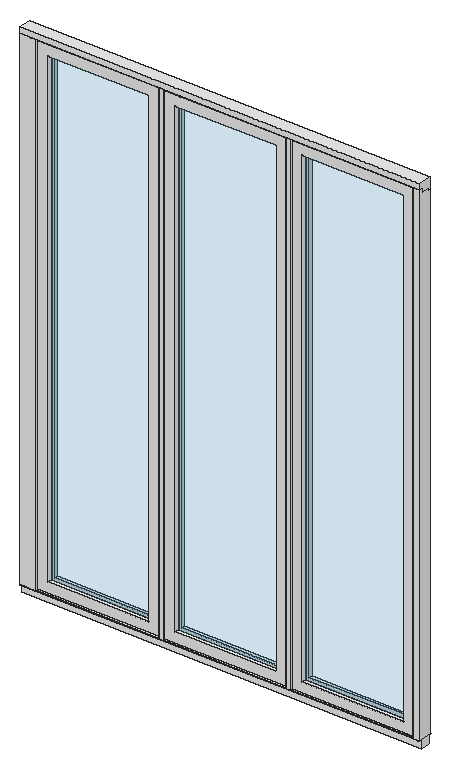
Revit family "98133", category Windows, host Wall, Revit 2018 (continued)
Definition of nested family "Sill_SL-73"
  Definition of nested family "Sill_SL73"
    Lines and regions (in)
      detail lines, in view "Ref. Level"
        curve 134: arc (0.2874, -0.90206, 0) -> (0.28045, -0.90252, 0) -> (0.27586, -0.89728, 0) r 0.00787
        curve 135: arc (0.25306, -0.81218, 0) -> (0.25645, -0.7951, 0) -> (0.27207, -0.7874, 0) r 0.01969
        curve 136: arc (-0.2874, -1.62549, 0) -> (-0.28045, -1.62504, 0) -> (-0.27586, -1.63028, 0) r 0.00787
        curve 137: arc (-0.38189, -1.68005, 0) -> (-0.38976, -1.68005, 0) -> (-0.3937, -1.67323, 0) r 0.00787
        curve 138: arc (-0.3937, -1.49213, 0) -> (-0.38976, -1.48531, 0) -> (-0.38189, -1.48531, 0) r 0.00787
        curve 139: arc (-0.27559, -1.53304, 0) -> (-0.27953, -1.53986, 0) -> (-0.2874, -1.53986, 0) r 0.00787
        curve 140: arc (-0.29528, -1.44439, 0) -> (-0.28087, -1.4588, 0) -> (-0.27559, -1.47849, 0) r 0.03937
        curve 141: arc (-0.27559, -1.04907, 0) -> (-0.28087, -1.06876, 0) -> (-0.29528, -1.08317, 0) r 0.03937
        curve 142: arc (-0.2874, -0.9877, 0) -> (-0.27953, -0.9877, 0) -> (-0.27559, -0.99452, 0) r 0.00787
        curve 143: arc (-0.38189, -1.04225, 0) -> (-0.38976, -1.04225, 0) -> (-0.3937, -1.03543, 0) r 0.00787
        curve 144: arc (-0.3937, -0.85433, 0) -> (-0.38976, -0.84751, 0) -> (-0.38189, -0.84751, 0) r 0.00787
        curve 145: arc (-0.27586, -0.89728, 0) -> (-0.28045, -0.90252, 0) -> (-0.2874, -0.90206, 0) r 0.00787
        curve 146: arc (-0.27207, -0.7874, 0) -> (-0.25645, -0.7951, 0) -> (-0.25306, -0.81218, 0) r 0.01969
        curve 147: arc (-0.18549, -1.74311, 0) -> (-0.19533, -1.74047, 0) -> (-0.20253, -1.73327, 0) r 0.01969
        curve 148: arc (0.20253, -1.73327, 0) -> (0.19533, -1.74047, 0) -> (0.18549, -1.74311, 0) r 0.01969
        curve 149: arc (0.3937, -1.65846, 0) -> (0.39139, -1.66403, 0) -> (0.38583, -1.66634, 0) r 0.00787
        curve 150: arc (0.38583, -1.49902, 0) -> (0.39139, -1.50132, 0) -> (0.3937, -1.50689, 0) r 0.00787
        curve 151: arc (0.21447, -1.56299, 0) -> (0.22888, -1.54858, 0) -> (0.24856, -1.54331, 0) r 0.03937
        curve 152: arc (-0.24856, -1.54331, 0) -> (-0.22888, -1.54858, 0) -> (-0.21447, -1.56299, 0) r 0.03937
        curve 153: arc (-0.3937, -1.50689, 0) -> (-0.39139, -1.50132, 0) -> (-0.38583, -1.49902, 0) r 0.00787
        curve 154: arc (-0.38583, -1.66634, 0) -> (-0.39139, -1.66403, 0) -> (-0.3937, -1.65846, 0) r 0.00787
        curve 155: arc (-0.12866, -1.67224, 0) -> (-0.14834, -1.66697, 0) -> (-0.16275, -1.65256, 0) r 0.03937
        curve 156: arc (0.16275, -1.65256, 0) -> (0.14834, -1.66697, 0) -> (0.12866, -1.67224, 0) r 0.03937
        curve 157: arc (-0.27811, -1.62205, 0) -> (-0.26827, -1.62468, 0) -> (-0.26106, -1.63189, 0) r 0.01969
        curve 158: arc (0.26106, -1.63189, 0) -> (0.26827, -1.62468, 0) -> (0.27811, -1.62205, 0) r 0.01969
        curve 159: arc (0.18549, -0.78445, 0) -> (0.19533, -0.78709, 0) -> (0.20253, -0.79429, 0) r 0.01969
        curve 160: arc (-0.20253, -0.79429, 0) -> (-0.19533, -0.78709, 0) -> (-0.18549, -0.78445, 0) r 0.01969
        curve 161: arc (-0.3937, -0.86909, 0) -> (-0.39139, -0.86353, 0) -> (-0.38583, -0.86122, 0) r 0.00787
        curve 162: arc (-0.38583, -1.02854, 0) -> (-0.39139, -1.02624, 0) -> (-0.3937, -1.02067, 0) r 0.00787
        curve 163: arc (-0.21447, -0.96457, 0) -> (-0.22888, -0.97898, 0) -> (-0.24856, -0.98425, 0) r 0.03937
        curve 164: arc (0.24856, -0.98425, 0) -> (0.22888, -0.97898, 0) -> (0.21447, -0.96457, 0) r 0.03937
        curve 165: arc (0.3937, -1.02067, 0) -> (0.39139, -1.02624, 0) -> (0.38583, -1.02854, 0) r 0.00787
        curve 166: arc (0.38583, -0.86122, 0) -> (0.39139, -0.86353, 0) -> (0.3937, -0.86909, 0) r 0.00787
        curve 167: arc (0.12866, -0.85531, 0) -> (0.14834, -0.86059, 0) -> (0.16275, -0.875, 0) r 0.03937
        curve 168: arc (-0.16275, -0.875, 0) -> (-0.14834, -0.86059, 0) -> (-0.12866, -0.85531, 0) r 0.03937
        curve 169: arc (0.27811, -0.90551, 0) -> (0.26827, -0.90287, 0) -> (0.26106, -0.89567, 0) r 0.01969
        curve 170: arc (-0.26106, -0.89567, 0) -> (-0.26827, -0.90287, 0) -> (-0.27811, -0.90551, 0) r 0.01969
        curve 171: arc (1.65354, 0, 0) -> (1.66746, 0.00577, 0) -> (1.67323, 0.01969, 0) r 0.01969
        curve 172: arc (0.60956, -0.2072, 0) -> (0.60566, -0.19981, 0) -> (0.59784, -0.19685, 0) r 0.01181
        curve 173: arc (0.54389, -0.19685, 0) -> (0.53607, -0.19981, 0) -> (0.53217, -0.2072, 0) r 0.01181
        curve 174: arc (0.46457, 0.00394, 0) -> (0.42913, 0.03937, 0) -> (0.3937, 0.00394, 0) r 0.03543
        curve 175: arc (0.27207, -0.7874, 0) -> (0.25645, -0.7951, 0) -> (0.25306, -0.81218, 0) r 0.01969
        curve 176: arc (0.27586, -0.89728, 0) -> (0.28045, -0.90252, 0) -> (0.2874, -0.90206, 0) r 0.00787
        curve 177: arc (0.38189, -0.84751, 0) -> (0.38976, -0.84751, 0) -> (0.3937, -0.85433, 0) r 0.00787
        curve 178: arc (0.3937, -1.03543, 0) -> (0.38976, -1.04225, 0) -> (0.38189, -1.04225, 0) r 0.00787
        curve 179: arc (0.2874, -0.9877, 0) -> (0.27953, -0.9877, 0) -> (0.27559, -0.99452, 0) r 0.00787
        curve 180: arc (0.27559, -1.04907, 0) -> (0.28087, -1.06876, 0) -> (0.29528, -1.08317, 0) r 0.03937
        curve 181: arc (0.29528, -1.44439, 0) -> (0.28087, -1.4588, 0) -> (0.27559, -1.47849, 0) r 0.03937
        curve 182: arc (0.27559, -1.53304, 0) -> (0.27953, -1.53986, 0) -> (0.2874, -1.53986, 0) r 0.00787
        curve 183: arc (0.38189, -1.48531, 0) -> (0.38976, -1.48531, 0) -> (0.3937, -1.49213, 0) r 0.00787
        curve 184: arc (0.3937, -1.67323, 0) -> (0.38976, -1.68005, 0) -> (0.38189, -1.68005, 0) r 0.00787
        curve 185: arc (0.2874, -1.62549, 0) -> (0.28045, -1.62504, 0) -> (0.27586, -1.63028, 0) r 0.00787
        curve 186: arc (0.25306, -1.71538, 0) -> (0.25645, -1.73246, 0) -> (0.27207, -1.74016, 0) r 0.01969
        curve 187: arc (0.3937, -1.74016, 0) -> (0.40293, -1.76243, 0) -> (0.4252, -1.77165, 0) r 0.0315
        curve 188: arc (0.3937, 1.75674, 0) -> (0.38909, 1.74561, 0) -> (0.37795, 1.74099, 0) r 0.01575
        curve 189: arc (0.27611, 1.7843, 0) -> (0.28834, 1.78269, 0) -> (0.29973, 1.77797, 0) r 0.04724
        curve 190: arc (-0.45721, 1.77797, 0) -> (-0.44582, 1.78269, 0) -> (-0.43359, 1.7843, 0) r 0.04724
        curve 191: arc (-0.53543, 1.74099, 0) -> (-0.54657, 1.74561, 0) -> (-0.55118, 1.75674, 0) r 0.01575
        curve 192: arc (-0.55118, 1.29444, 0) -> (-0.54657, 1.30557, 0) -> (-0.53543, 1.31019, 0) r 0.01575
        curve 193: arc (-0.43359, 1.26688, 0) -> (-0.44582, 1.26849, 0) -> (-0.45721, 1.27321, 0) r 0.04724
        curve 194: arc (0.29973, 1.27321, 0) -> (0.28834, 1.26849, 0) -> (0.27611, 1.26688, 0) r 0.04724
        curve 195: arc (0.37795, 1.31019, 0) -> (0.38909, 1.30557, 0) -> (0.3937, 1.29444, 0) r 0.01575
        curve 196: arc (0.3937, 1.16058, 0) -> (0.38909, 1.14945, 0) -> (0.37795, 1.14483, 0) r 0.01575
        curve 197: arc (0.27611, 1.18814, 0) -> (0.28834, 1.18653, 0) -> (0.29973, 1.18181, 0) r 0.04724
        curve 198: arc (-0.45721, 1.18181, 0) -> (-0.44582, 1.18653, 0) -> (-0.43359, 1.18814, 0) r 0.04724
        curve 199: arc (-0.53543, 1.14483, 0) -> (-0.54657, 1.14945, 0) -> (-0.55118, 1.16058, 0) r 0.01575
        curve 200: arc (0.3622, 1.65748, 0) -> (0.31488, 1.67708, 0) -> (0.29528, 1.72441, 0) r 0.06693
        curve 201: arc (0.29528, 1.76691, 0) -> (0.30315, 1.77478, 0) -> (0.31102, 1.76691, 0) r 0.00787
        curve 202: arc (0.77643, 2.70454, 0) -> (0.91553, 2.64165, 0) -> (0.97244, 2.5, 0) r 0.20472
        curve 203: arc (0.76772, 2.77559, 0) -> (0.96259, 2.69487, 0) -> (1.04331, 2.5, 0) r 0.27559
        curve 204: arc (0.85989, 1.06299, 0) -> (0.9516, 1.0689, 0) -> (1.04331, 1.06299, 0) r 0.71502
        curve 205: arc (0.84672, 1.11214, 0) -> (0.84808, 1.11897, 0) -> (0.85433, 1.12205, 0) r 0.00787
        curve 206: arc (0.54331, 1.12205, 0) -> (0.54955, 1.11897, 0) -> (0.55091, 1.11214, 0) r 0.00787
        curve 207: arc (0.37412, 1.06401, 0) -> (0.38261, 1.06691, 0) -> (0.39069, 1.06299, 0) r 0.01181
        curve 208: arc (0.27628, 1.05545, 0) -> (0.2729, 1.0559, 0) -> (0.27002, 1.05773, 0) r 0.00787
        curve 209: arc (0.25394, 1.06892, 0) -> (0.25846, 1.06802, 0) -> (0.26229, 1.06546, 0) r 0.01181
        curve 210: arc (0.24803, 1.06892, 0) -> (0.22576, 1.07815, 0) -> (0.21654, 1.10042, 0) r 0.0315
        curve 211: arc (0.28464, 1.11704, 0) -> (0.28042, 1.11073, 0) -> (0.27323, 1.10829, 0) r 0.01181
        curve 212: arc (0.2994, 1.17214, 0) -> (0.30201, 1.17619, 0) -> (0.30649, 1.17796, 0) r 0.00787
        curve 213: arc (0.30649, 1.17796, 0) -> (0.31087, 1.17696, 0) -> (0.31399, 1.17373, 0) r 0.00787
        curve 214: arc (0.31399, 1.17373, 0) -> (0.31488, 1.16993, 0) -> (0.31382, 1.16616, 0) r 0.00787
        curve 215: arc (0.3357, 1.15353, 0) -> (0.34284, 1.14789, 0) -> (0.34807, 1.14044, 0) r 0.0315
        curve 216: arc (0.3937, 1.12598, 0) -> (0.36784, 1.12361, 0) -> (0.34807, 1.14044, 0) r 0.03346
        curve 217: arc (0.31102, 1.28427, 0) -> (0.30315, 1.2764, 0) -> (0.29528, 1.28427, 0) r 0.00787
        curve 218: arc (0.29528, 1.32677, 0) -> (0.31488, 1.3741, 0) -> (0.3622, 1.3937, 0) r 0.06693
        curve 219: arc (-0.50555, 1.14044, 0) -> (-0.52532, 1.12361, 0) -> (-0.55118, 1.12598, 0) r 0.03346
        curve 220: arc (-0.50555, 1.14044, 0) -> (-0.50032, 1.14789, 0) -> (-0.49318, 1.15353, 0) r 0.0315
        curve 221: arc (-0.46423, 1.17797, 0) -> (-0.45959, 1.17627, 0) -> (-0.45688, 1.17214, 0) r 0.00787
        curve 222: arc (-0.47158, 1.17352, 0) -> (-0.46857, 1.17683, 0) -> (-0.46423, 1.17797, 0) r 0.00787
        curve 223: arc (-0.4713, 1.16616, 0) -> (-0.47235, 1.16981, 0) -> (-0.47158, 1.17352, 0) r 0.00787
        curve 224: arc (-0.43071, 1.10829, 0) -> (-0.4379, 1.11073, 0) -> (-0.44212, 1.11704, 0) r 0.01181
        curve 225: arc (-0.37402, 1.10042, 0) -> (-0.38324, 1.07815, 0) -> (-0.40551, 1.06892, 0) r 0.0315
        curve 226: arc (-0.41977, 1.06546, 0) -> (-0.41594, 1.06802, 0) -> (-0.41142, 1.06892, 0) r 0.01181
        curve 227: arc (-0.4275, 1.05773, 0) -> (-0.43038, 1.0559, 0) -> (-0.43376, 1.05545, 0) r 0.00787
        curve 228: arc (-0.54817, 1.06299, 0) -> (-0.54009, 1.06691, 0) -> (-0.5316, 1.06401, 0) r 0.01181
        curve 229: arc (-0.59055, 1.06299, 0) -> (-0.61839, 1.07452, 0) -> (-0.62992, 1.10236, 0) r 0.03937
        curve 230: arc (-0.88583, 0.98819, 0) -> (-0.89159, 0.97427, 0) -> (-0.90551, 0.9685, 0) r 0.01969
        curve 231: arc (-0.90551, 0.77165, 0) -> (-0.89159, 0.76589, 0) -> (-0.88583, 0.75197, 0) r 0.01969
        curve 232: arc (-0.88583, 0.70472, 0) -> (-0.89736, 0.67689, 0) -> (-0.9252, 0.66535, 0) r 0.03937
        curve 233: arc (-1.08268, 0.5194, 0) -> (-1.09302, 0.4928, 0) -> (-1.11862, 0.48018, 0) r 0.03937
        curve 234: arc (-1.2202, 0.52158, 0) -> (-1.21885, 0.52842, 0) -> (-1.2126, 0.5315, 0) r 0.00787
        curve 235: arc (-1.52362, 0.5315, 0) -> (-1.51738, 0.52842, 0) -> (-1.51602, 0.52158, 0) r 0.00787
        curve 236: arc (-1.7126, 0.47244, 0) -> (-1.62089, 0.47835, 0) -> (-1.52918, 0.47244, 0) r 0.71502
        curve 237: arc (-0.4685, 1.76691, 0) -> (-0.46745, 1.77084, 0) -> (-0.46457, 1.77373, 0) r 0.00787
        curve 238: arc (-0.46457, 1.77373, 0) -> (-0.45669, 1.77373, 0) -> (-0.45276, 1.76691, 0) r 0.00787
        curve 239: arc (-0.45276, 1.72441, 0) -> (-0.47236, 1.67708, 0) -> (-0.51969, 1.65748, 0) r 0.06693
        curve 240: arc (-0.51969, 1.3937, 0) -> (-0.47236, 1.3741, 0) -> (-0.45276, 1.32677, 0) r 0.06693
        curve 241: arc (-0.46457, 1.27746, 0) -> (-0.46745, 1.28034, 0) -> (-0.4685, 1.28427, 0) r 0.00787
        curve 242: arc (-0.45276, 1.28427, 0) -> (-0.45669, 1.27746, 0) -> (-0.46457, 1.27746, 0) r 0.00787
        curve 243: arc (-1.56299, 1.29528, 0) -> (-1.57452, 1.26744, 0) -> (-1.60236, 1.25591, 0) r 0.03937
        curve 244: arc (-1.14961, 1.00787, 0) -> (-1.13, 1.0552, 0) -> (-1.08268, 1.0748, 0) r 0.06693
        curve 245: arc (-0.95276, 1.25591, 0) -> (-0.93315, 1.30323, 0) -> (-0.88583, 1.32283, 0) r 0.06693
        curve 246: arc (0.85989, 1.06299, 0) -> (0.9516, 1.0689, 0) -> (1.04331, 1.06299, 0) r 0.71502
        curve 247: arc (0.61811, 2.31102, 0) -> (0.5847, 2.32486, 0) -> (0.57087, 2.35827, 0) r 0.04724
        curve 248: arc (0.33852, 2.16913, 0) -> (0.33412, 2.17974, 0) -> (0.33852, 2.19034, 0) r 0.015
        curve 249: arc (0.39223, 2.24406, 0) -> (0.39662, 2.25466, 0) -> (0.39223, 2.26527, 0) r 0.015
        curve 250: arc (0.33852, 2.31898, 0) -> (0.33412, 2.32959, 0) -> (0.33852, 2.3402, 0) r 0.015
        curve 251: arc (0.39223, 2.39391, 0) -> (0.39662, 2.40452, 0) -> (0.39223, 2.41512, 0) r 0.015
        curve 252: arc (0.33852, 2.46884, 0) -> (0.33412, 2.47944, 0) -> (0.33852, 2.49005, 0) r 0.015
        curve 253: arc (0.39223, 2.54376, 0) -> (0.39662, 2.55437, 0) -> (0.39223, 2.56497, 0) r 0.015
        curve 254: arc (0.33852, 2.61869, 0) -> (0.33412, 2.62929, 0) -> (0.33852, 2.6399, 0) r 0.015
        curve 255: arc (0.39223, 2.69361, 0) -> (0.39662, 2.70422, 0) -> (0.39223, 2.71483, 0) r 0.015
        curve 256: arc (0.33852, 2.76854, 0) -> (0.33412, 2.77915, 0) -> (0.33852, 2.78975, 0) r 0.015
        curve 257: arc (0.39223, 2.84347, 0) -> (0.39662, 2.85407, 0) -> (0.39223, 2.86468, 0) r 0.015
        curve 258: arc (0.32352, 2.93339, 0) -> (0.32122, 2.95165, 0) -> (0.33833, 2.9584, 0) r 0.015
        curve 259: arc (0.64913, 2.86928, 0) -> (0.66482, 2.85849, 0) -> (0.67086, 2.84044, 0) r 0.03
        curve 260: arc (0.62023, 2.69216, 0) -> (0.62561, 2.70103, 0) -> (0.63597, 2.70036, 0) r 0.01
        curve 261: arc (0.5781, 2.59376, 0) -> (0.56206, 2.58304, 0) -> (0.55586, 2.56478, 0) r 0.03
        curve 262: arc (0.55586, 2.51002, 0) -> (0.56206, 2.49176, 0) -> (0.5781, 2.48104, 0) r 0.03
        curve 263: arc (0.63597, 2.37445, 0) -> (0.62561, 2.37377, 0) -> (0.62023, 2.38264, 0) r 0.01
        curve 264: arc (-0.9618, 2.55309, 0) -> (-0.96235, 2.58878, 0) -> (-0.93382, 2.61024, 0) r 0.03937
        curve 265: arc (-0.96158, 2.68308, 0) -> (-0.91317, 2.76901, 0) -> (-0.82314, 2.80929, 0) r 0.15748
        curve 266: arc (-0.94339, 2.66452, 0) -> (-0.95737, 2.66901, 0) -> (-0.96158, 2.68308, 0) r 0.01575
        curve 267: arc (-0.83291, 2.87943, 0) -> (-0.79166, 2.84943, 0) -> (-0.82314, 2.80929, 0) r 0.03543
        curve 268: arc (-0.82367, 2.68564, 0) -> (-0.79174, 2.66328, 0) -> (-0.8141, 2.63136, 0) r 0.02756
        curve 269: arc (-0.79497, 2.2372, 0) -> (-0.80811, 2.19464, 0) -> (-0.85067, 2.20778, 0) r 0.0315
        curve 270: arc (-1.61417, 2.07874, 0) -> (-1.62809, 2.08451, 0) -> (-1.63386, 2.09843, 0) r 0.01969
        curve 271: arc (-1.49633, 2.07874, 0) -> (-1.4323, 2.05222, 0) -> (-1.40578, 1.98819, 0) r 0.09055
        curve 272: arc (-1.38963, 1.93748, 0) -> (-1.40121, 1.94423, 0) -> (-1.40578, 1.95684, 0) r 0.01969
        curve 273: arc (-1.12849, 1.88842, 0) -> (-1.10101, 1.90741, 0) -> (-1.08201, 1.87993, 0) r 0.02362
        curve 274: arc (-1.08909, 1.84118, 0) -> (-1.10546, 1.81585, 0) -> (-1.13494, 1.80953, 0) r 0.03937
        curve 275: arc (-1.14401, 1.80369, 0) -> (-1.14063, 1.80841, 0) -> (-1.13494, 1.80953, 0) r 0.00787
        curve 276: arc (-1.14401, 1.80369, 0) -> (-1.17118, 1.78613, 0) -> (-1.19039, 1.81216, 0) r 0.02362
        curve 277: arc (-1.1968, 1.82083, 0) -> (-1.19188, 1.81776, 0) -> (-1.19039, 1.81216, 0) r 0.00787
        curve 278: arc (-1.49989, 1.9016, 0) -> (-1.51146, 1.90834, 0) -> (-1.51602, 1.92093, 0) r 0.01965
        curve 279: arc (-1.51602, 1.93701, 0) -> (-1.51025, 1.95093, 0) -> (-1.49633, 1.95669, 0) r 0.01969
        curve 280: arc (-1.47665, 1.97638, 0) -> (-1.48241, 1.96246, 0) -> (-1.49633, 1.95669, 0) r 0.01969
        curve 281: arc (-1.49633, 2.00787, 0) -> (-1.48241, 2.00211, 0) -> (-1.47665, 1.98819, 0) r 0.01969
        curve 282: arc (-1.65748, 2.00787, 0) -> (-1.66325, 1.99395, 0) -> (-1.67717, 1.98819, 0) r 0.01969
        curve 283: arc (-1.10876, 2.77529, 0) -> (-1.08092, 2.76376, 0) -> (-1.06939, 2.73592, 0) r 0.03937
        curve 284: arc (-1.06939, 2.69655, 0) -> (-1.07515, 2.68263, 0) -> (-1.08907, 2.67687, 0) r 0.01968
        curve 285: arc (-1.08907, 2.51938, 0) -> (-1.07515, 2.51362, 0) -> (-1.06939, 2.4997, 0) r 0.01969
        curve 286: arc (-1.06939, 2.47214, 0) -> (-1.08092, 2.4443, 0) -> (-1.10876, 2.43277, 0) r 0.03937
        curve 287: arc (-1.1875, 2.43277, 0) -> (-1.21533, 2.4443, 0) -> (-1.22687, 2.47214, 0) r 0.03937
        curve 288: arc (-1.14401, 1.80369, 0) -> (-1.17118, 1.78613, 0) -> (-1.19039, 1.81216, 0) r 0.02362
        curve 289: arc (-1.19039, 1.81216, 0) -> (-1.19188, 1.81776, 0) -> (-1.1968, 1.82083, 0) r 0.00787
        curve 290: arc (-1.49989, 1.9016, 0) -> (-1.51146, 1.90834, 0) -> (-1.51602, 1.92094, 0) r 0.01965
        curve 291: arc (-1.51602, 1.93701, 0) -> (-1.51025, 1.95093, 0) -> (-1.49633, 1.95669, 0) r 0.01969
        curve 292: arc (-1.49633, 1.95669, 0) -> (-1.48241, 1.96246, 0) -> (-1.47665, 1.97638, 0) r 0.01969
        curve 293: arc (-1.47665, 1.98819, 0) -> (-1.48241, 2.00211, 0) -> (-1.49633, 2.00787, 0) r 0.01969
        curve 294: arc (-1.65748, 2.00787, 0) -> (-1.66325, 1.99395, 0) -> (-1.67717, 1.98819, 0) r 0.01969
        curve 295: arc (-1.10876, 2.77529, 0) -> (-1.08092, 2.76376, 0) -> (-1.06939, 2.73592, 0) r 0.03937
        curve 296: arc (-1.06939, 2.69655, 0) -> (-1.07515, 2.68263, 0) -> (-1.08907, 2.67687, 0) r 0.01968
        curve 297: arc (-1.08907, 2.51938, 0) -> (-1.07515, 2.51362, 0) -> (-1.06939, 2.4997, 0) r 0.01969
        curve 298: arc (-1.06939, 2.47214, 0) -> (-1.08092, 2.4443, 0) -> (-1.10876, 2.43277, 0) r 0.03937
        curve 299: arc (-1.1875, 2.43277, 0) -> (-1.21533, 2.4443, 0) -> (-1.22687, 2.47214, 0) r 0.03937
        curve 300: arc (-1.63386, 2.09843, 0) -> (-1.62809, 2.08451, 0) -> (-1.61417, 2.07874, 0) r 0.01969
        curve 301: arc (-1.49633, 2.07874, 0) -> (-1.4323, 2.05222, 0) -> (-1.40578, 1.98819, 0) r 0.09055
        curve 302: arc (-1.40578, 1.95684, 0) -> (-1.40121, 1.94423, 0) -> (-1.38963, 1.93748, 0) r 0.01969
        curve 303: arc (-1.12849, 1.88842, 0) -> (-1.10101, 1.90741, 0) -> (-1.08201, 1.87993, 0) r 0.02362
        curve 304: line (0.61024, 0.18862, 0) -> (0.61024, 0.50394, 0)
        curve 305: line (0.61793, 0.18486, 0) -> (0.62992, 0.19685, 0)
        curve 306: line (0.62992, 0.19685, 0) -> (0.62992, 0.56693, 0)
        curve 307: line (0.61024, 0.65354, 0) -> (0.61024, 0.71085, 0)
        curve 308: line (0.62992, 0.65354, 0) -> (0.62992, 0.7343, 0)
        curve 309: line (0.61024, 0.59843, 0) -> (0.61024, 0.61811, 0)
        curve 310: line (0.61024, 0.53543, 0) -> (0.61024, 0.56693, 0)
        curve 311: line (0.61024, 0.56693, 0) -> (0.59514, 0.07838, 0)
        curve 312: line (0.62992, 0.59843, 0) -> (0.62992, 0.61811, 0)
        curve 313: line (-0.41339, 0.09843, 0) -> (-0.46459, 0.09843, 0)
        curve 314: line (-0.61794, 0.18487, 0) -> (-0.62992, 0.19685, 0)
        curve 315: line (-0.62994, 0.09843, 0) -> (-0.62994, -0.27559, 0)
        curve 316: line (-0.62994, -0.27559, 0) -> (-0.66932, -0.27559, 0)
        curve 317: line (-0.66932, -0.27559, 0) -> (-0.66932, 0.09843, 0)
        curve 318: line (-0.47246, 0.09843, 0) -> (-0.47246, -0.27559, 0)
        curve 319: line (-0.47246, -0.27559, 0) -> (-0.51183, -0.27559, 0)
        curve 320: line (-0.51183, -0.27559, 0) -> (-0.51183, 0.09843, 0)
        curve 321: line (0.51179, 0.09843, 0) -> (0.51179, -0.27559, 0)
        curve 322: line (0.51179, -0.27559, 0) -> (0.47242, -0.27559, 0)
        curve 323: line (0.47242, -0.27559, 0) -> (0.47242, 0.09843, 0)
        curve 324: line (0.66927, 0.09843, 0) -> (0.66927, -0.27559, 0)
        curve 325: line (0.66927, -0.27559, 0) -> (0.6299, -0.27559, 0)
        curve 326: line (0.6299, -0.27559, 0) -> (0.6299, 0.09843, 0)
        curve 327: line (0.6815, 0.56693, 0) -> (0.66444, 0.07837, 0)
        curve 328: line (0.64685, 0.56693, 0) -> (0.62979, 0.07841, 0)
        curve 329: line (0.69882, 0.56693, 0) -> (0.69882, 0.07874, 0)
        curve 330: line (0.78543, 0.56693, 0) -> (0.80249, 0.07837, 0)
        curve 331: line (0.75079, 0.56693, 0) -> (0.76785, 0.07837, 0)
        curve 332: line (0.71614, 0.56693, 0) -> (0.7332, 0.07837, 0)
        curve 333: line (0.84646, 0.61811, 0) -> (0.84646, 0.56693, 0)
        curve 334: line (0.84646, 0.56693, 0) -> (0.55118, 0.56693, 0)
        curve 335: line (0.55118, 0.56693, 0) -> (0.55118, 0.61811, 0)
        curve 336: line (0.55118, 0.61811, 0) -> (0.84646, 0.61811, 0)
        curve 337: line (-1.38543, 0.56693, 0) -> (-1.40249, 0.07837, 0)
        curve 338: line (-1.42008, 0.56693, 0) -> (-1.43713, 0.07874, 0)
        curve 339: line (-1.45472, 0.56693, 0) -> (-1.47177, 0.07874, 0)
        curve 340: line (-1.36811, 0.56693, 0) -> (-1.36811, 0.07874, 0)
        curve 341: line (-1.2815, 0.56693, 0) -> (-1.26444, 0.07837, 0)
        curve 342: line (-1.31614, 0.56693, 0) -> (-1.29909, 0.07874, 0)
        curve 343: line (-1.35079, 0.56693, 0) -> (-1.33374, 0.07874, 0)
        curve 344: line (-1.48819, 0.56693, 0) -> (-1.51575, 0.56693, 0)
        curve 345: line (-1.51575, 0.56693, 0) -> (-1.51575, 0.61811, 0)
        curve 346: line (-1.51575, 0.61811, 0) -> (-1.22047, 0.61811, 0)
        curve 347: line (-1.22047, 0.61811, 0) -> (-1.22047, 0.56693, 0)
        curve 348: line (-1.22047, 0.56693, 0) -> (-1.51575, 0.56693, 0)
        curve 349: line (-1.51575, 0.56693, 0) -> (-1.51575, 0.61811, 0)
        curve 350: line (-1.51575, 0.61811, 0) -> (-1.22047, 0.61811, 0)
        curve 351: line (-1.22047, 0.61811, 0) -> (-1.22047, 0.56693, 0)
        curve 352: line (-1.22047, 0.56693, 0) -> (-1.24803, 0.56693, 0)
        curve 353: line (-1.19094, 0.65354, 0) -> (-1.54528, 0.65354, 0)
        curve 354: line (-1.17126, 0.63386, 0) -> (-1.17126, 0.55118, 0)
        curve 355: line (-1.19094, 0.5315, 0) -> (-1.23031, 0.5315, 0)
        curve 356: line (-1.23031, 0.5315, 0) -> (-1.21238, 0.46457, 0)
        curve 357: line (-1.21238, 0.46457, 0) -> (-1.24016, 0.46457, 0)
        curve 358: line (-1.27953, 0.53543, 0) -> (-1.27953, 0.50394, 0)
        curve 359: line (-1.56496, 0.55118, 0) -> (-1.56496, 0.63386, 0)
        curve 360: line (-1.49606, 0.46457, 0) -> (-1.52384, 0.46457, 0)
        curve 361: line (-1.52384, 0.46457, 0) -> (-1.50591, 0.5315, 0)
        curve 362: line (-1.50591, 0.5315, 0) -> (-1.54528, 0.5315, 0)
        curve 363: line (-1.45669, 0.50394, 0) -> (-1.45669, 0.53543, 0)
        curve 364: line (0.67717, -0.34252, 0) -> (0.46457, -0.34252, 0)
        curve 365: line (0.46457, -0.34252, 0) -> (0.46457, -1.14961, 0)
        curve 366: line (0.46457, -1.14961, 0) -> (0.62205, -1.14961, 0)
        curve 367: line (0.62205, -1.14961, 0) -> (0.62205, -1.16929, 0)
        curve 368: line (0.58268, -1.20866, 0) -> (0.46457, -1.20866, 0)
        curve 369: line (0.46457, -1.20866, 0) -> (0.46457, -1.50787, 0)
        curve 370: line (0.46457, -1.50787, 0) -> (0.66425, -1.50787, 0)
        curve 371: line (0.72882, -1.33858, 0) -> (0.76024, -1.33858, 0)
        curve 372: line (0.76024, -1.33858, 0) -> (0.76706, -1.35041, 0)
        curve 373: line (0.84711, -1.35041, 0) -> (0.85394, -1.33858, 0)
        curve 374: line (0.85394, -1.33858, 0) -> (0.88536, -1.33858, 0)
        curve 375: line (0.94992, -1.50787, 0) -> (1.09449, -1.50787, 0)
        curve 376: line (1.09449, -1.50787, 0) -> (1.09449, -1.13976, 0)
        curve 377: line (1.09449, -1.13976, 0) -> (0.93307, -1.13976, 0)
        curve 378: line (0.86614, -1.07283, 0) -> (0.86614, -0.50197, 0)
        curve 379: line (0.93307, -0.43504, 0) -> (1.09449, -0.43504, 0)
        curve 380: line (1.09449, -0.43504, 0) -> (1.09449, 0, 0)
        curve 381: line (1.09449, 0, 0) -> (0.9552, 0, 0)
        curve 382: line (0.88536, -0.15748, 0) -> (0.85394, -0.15748, 0)
        curve 383: line (0.85394, -0.15748, 0) -> (0.84711, -0.14565, 0)
        curve 384: line (0.76706, -0.14565, 0) -> (0.76024, -0.15748, 0)
        curve 385: line (0.76024, -0.15748, 0) -> (0.74409, -0.15748, 0)
        curve 386: line (0.74409, -0.15748, 0) -> (0.74409, -0.27559, 0)
        curve 387: line (-0.58268, -1.20866, 0) -> (-0.46457, -1.20866, 0)
        curve 388: line (-0.46457, -1.20866, 0) -> (-0.46457, -1.50787, 0)
        curve 389: line (-0.46457, -1.50787, 0) -> (-0.66425, -1.50787, 0)
        curve 390: line (-0.72882, -1.33858, 0) -> (-0.76024, -1.33858, 0)
        curve 391: line (-0.76024, -1.33858, 0) -> (-0.76706, -1.35041, 0)
        curve 392: line (-0.84711, -1.35041, 0) -> (-0.85394, -1.33858, 0)
        curve 393: line (-0.85394, -1.33858, 0) -> (-0.88536, -1.33858, 0)
        curve 394: line (-0.94992, -1.50787, 0) -> (-1.09449, -1.50787, 0)
        curve 395: line (-1.09449, -1.50787, 0) -> (-1.09449, -1.13976, 0)
        curve 396: line (-1.09449, -1.13976, 0) -> (-0.93307, -1.13976, 0)
        curve 397: line (-0.86614, -1.07283, 0) -> (-0.86614, -0.50197, 0)
        curve 398: line (-0.93307, -0.43504, 0) -> (-1.09449, -0.43504, 0)
        curve 399: line (-1.09449, -0.43504, 0) -> (-1.09449, 0, 0)
        curve 400: line (-1.09449, 0, 0) -> (-0.9552, 0, 0)
        curve 401: line (-0.88536, -0.15748, 0) -> (-0.85394, -0.15748, 0)
        curve 402: line (-0.85394, -0.15748, 0) -> (-0.84711, -0.14565, 0)
        curve 403: line (-0.76706, -0.14565, 0) -> (-0.76024, -0.15748, 0)
        curve 404: line (-0.76024, -0.15748, 0) -> (-0.74409, -0.15748, 0)
        curve 405: line (-0.74409, -0.15748, 0) -> (-0.74409, -0.27559, 0)
        curve 406: line (-0.67717, -0.34252, 0) -> (-0.46457, -0.34252, 0)
        curve 407: line (-0.46457, -0.34252, 0) -> (-0.46457, -1.14961, 0)
        curve 408: line (-0.46457, -1.14961, 0) -> (-0.62205, -1.14961, 0)
        curve 409: line (-0.62205, -1.14961, 0) -> (-0.62205, -1.16929, 0)
        curve 410: line (-0.27559, -1.04907, 0) -> (-0.27559, -0.99452, 0)
        curve 411: line (-0.27559, -0.99452, 0) -> (-0.27559, -1.04907, 0)
        curve 412: line (-0.29528, -1.44439, 0) -> (-0.3937, -1.38757, 0)
        curve 413: line (-0.3937, -1.38757, 0) -> (-0.3937, -1.13999, 0)
        curve 414: line (-0.3937, -1.13999, 0) -> (-0.29528, -1.08317, 0)
        curve 415: line (-0.29528, -1.08317, 0) -> (-0.3937, -1.13999, 0)
        curve 416: line (-0.3937, -1.13999, 0) -> (-0.3937, -1.38757, 0)
        curve 417: line (-0.3937, -1.38757, 0) -> (-0.29528, -1.44439, 0)
        curve 418: line (-0.27559, -1.53304, 0) -> (-0.27559, -1.47849, 0)
        curve 419: line (-0.27559, -1.47849, 0) -> (-0.27559, -1.53304, 0)
        curve 420: line (-0.38189, -1.48531, 0) -> (-0.2874, -1.53986, 0)
        curve 421: line (-0.2874, -1.53986, 0) -> (-0.38189, -1.48531, 0)
        curve 422: line (-0.3937, -1.67323, 0) -> (-0.3937, -1.49213, 0)
        curve 423: line (-0.3937, -1.49213, 0) -> (-0.3937, -1.67323, 0)
        curve 424: line (-0.27586, -1.63028, 0) -> (-0.25306, -1.71538, 0)
        curve 425: line (-0.27207, -1.74016, 0) -> (-0.3937, -1.74016, 0)
        curve 426: line (-0.4252, -1.77165, 0) -> (-0.59441, -1.77165, 0)
        curve 427: line (-0.59441, -1.77165, 0) -> (-0.61024, -1.7126, 0)
        curve 428: line (-0.61024, -1.7126, 0) -> (-0.46457, -1.7126, 0)
        curve 429: line (-0.46457, -1.7126, 0) -> (-0.46457, -1.5748, 0)
        curve 430: line (-0.46457, -1.5748, 0) -> (-0.78663, -1.5748, 0)
        curve 431: line (-0.78663, -1.5748, 0) -> (-0.80709, -1.56299, 0)
        curve 432: line (-0.80709, -1.56299, 0) -> (-0.82754, -1.5748, 0)
        curve 433: line (-0.82754, -1.5748, 0) -> (-1.09449, -1.5748, 0)
        curve 434: line (-1.09449, -1.5748, 0) -> (-1.09449, -1.7126, 0)
        curve 435: line (-1.09449, -1.7126, 0) -> (-1.00394, -1.7126, 0)
        curve 436: line (-1.00394, -1.7126, 0) -> (-1.01976, -1.77165, 0)
        curve 437: line (-1.01976, -1.77165, 0) -> (-1.16142, -1.77165, 0)
        curve 438: line (-1.16142, -1.77165, 0) -> (-1.16142, -1.00008, 0)
        curve 439: line (-1.16142, -1.00008, 0) -> (-1.10236, -0.98425, 0)
        curve 440: line (-1.10236, -0.98425, 0) -> (-1.10236, -1.07283, 0)
        curve 441: line (-1.10236, -1.07283, 0) -> (-0.93307, -1.07283, 0)
        curve 442: line (-0.93307, -1.07283, 0) -> (-0.93307, -0.80786, 0)
        curve 443: line (-0.93307, -0.80786, 0) -> (-0.92126, -0.7874, 0)
        curve 444: line (-0.92126, -0.7874, 0) -> (-0.93307, -0.76694, 0)
        curve 445: line (-0.93307, -0.76694, 0) -> (-0.93307, -0.50197, 0)
        curve 446: line (-0.93307, -0.50197, 0) -> (-1.10236, -0.50197, 0)
        curve 447: line (-1.10236, -0.50197, 0) -> (-1.10236, -0.59055, 0)
        curve 448: line (-1.10236, -0.59055, 0) -> (-1.16142, -0.57473, 0)
        curve 449: line (-1.16142, -0.57473, 0) -> (-1.16142, 0, 0)
        curve 450: line (-1.16142, 0, 0) -> (-1.65354, 0, 0)
        curve 451: line (-1.67323, 0.01969, 0) -> (-1.67323, 0.03937, 0)
        curve 452: line (-1.67323, 0.03937, 0) -> (-1.63386, 0.07874, 0)
        curve 453: line (-1.63386, 0.07874, 0) -> (-1.59055, 0.07874, 0)
        curve 454: line (-1.59055, 0.07874, 0) -> (-1.58268, 0.07087, 0)
        curve 455: line (-1.58268, 0.07087, 0) -> (-1.50394, 0.07087, 0)
        curve 456: line (-1.50394, 0.07087, 0) -> (-1.49606, 0.07874, 0)
        curve 457: line (-1.49606, 0.07874, 0) -> (-1.43307, 0.07874, 0)
        curve 458: line (-1.43307, 0.07874, 0) -> (-1.4252, 0.07087, 0)
        curve 459: line (-1.4252, 0.07087, 0) -> (-1.34646, 0.07087, 0)
        curve 460: line (-1.34646, 0.07087, 0) -> (-1.33858, 0.07874, 0)
        curve 461: line (-1.33858, 0.07874, 0) -> (-1.27559, 0.07874, 0)
        curve 462: line (-1.27559, 0.07874, 0) -> (-1.26772, 0.07087, 0)
        curve 463: line (-1.26772, 0.07087, 0) -> (-1.18898, 0.07087, 0)
        curve 464: line (-1.18898, 0.07087, 0) -> (-1.1811, 0.07874, 0)
        curve 465: line (-1.1811, 0.07874, 0) -> (-1.11811, 0.07874, 0)
        curve 466: line (-1.11811, 0.07874, 0) -> (-1.11024, 0.07087, 0)
        curve 467: line (-1.11024, 0.07087, 0) -> (-1.0315, 0.07087, 0)
        curve 468: line (-1.0315, 0.07087, 0) -> (-1.02362, 0.07874, 0)
        curve 469: line (-1.02362, 0.07874, 0) -> (-0.96063, 0.07874, 0)
        curve 470: line (-0.96063, 0.07874, 0) -> (-0.95276, 0.07087, 0)
        curve 471: line (-0.95276, 0.07087, 0) -> (-0.87402, 0.07087, 0)
        curve 472: line (-0.87402, 0.07087, 0) -> (-0.86614, 0.07874, 0)
        curve 473: line (-0.86614, 0.07874, 0) -> (-0.80315, 0.07874, 0)
        curve 474: line (-0.80315, 0.07874, 0) -> (-0.79528, 0.07087, 0)
        curve 475: line (-0.79528, 0.07087, 0) -> (-0.71654, 0.07087, 0)
        curve 476: line (-0.71654, 0.07087, 0) -> (-0.70866, 0.07874, 0)
        curve 477: line (-0.70866, 0.07874, 0) -> (-0.67717, 0.07874, 0)
        curve 478: line (-0.67717, 0.07874, 0) -> (-0.67717, -0.27559, 0)
        curve 479: line (-0.67717, -0.27559, 0) -> (-0.61811, -0.27559, 0)
        curve 480: line (-0.61811, -0.27559, 0) -> (-0.60956, -0.2072, 0)
        curve 481: line (-0.59784, -0.19685, 0) -> (-0.54389, -0.19685, 0)
        curve 482: line (-0.53217, -0.2072, 0) -> (-0.52362, -0.27559, 0)
        curve 483: line (-0.52362, -0.27559, 0) -> (-0.46457, -0.27559, 0)
        curve 484: line (-0.46457, -0.27559, 0) -> (-0.46457, 0.00394, 0)
        curve 485: line (-0.3937, 0.00394, 0) -> (-0.3937, -0.7874, 0)
        curve 486: line (-0.3937, -0.7874, 0) -> (-0.27207, -0.7874, 0)
        curve 487: line (-0.27207, -0.7874, 0) -> (-0.3937, -0.7874, 0)
        curve 488: line (-0.27586, -0.89728, 0) -> (-0.25306, -0.81218, 0)
        curve 489: line (-0.25306, -0.81218, 0) -> (-0.27586, -0.89728, 0)
        curve 490: line (-0.38189, -0.84751, 0) -> (-0.2874, -0.90206, 0)
        curve 491: line (-0.2874, -0.90206, 0) -> (-0.38189, -0.84751, 0)
        curve 492: line (-0.3937, -1.03543, 0) -> (-0.3937, -0.85433, 0)
        curve 493: line (-0.3937, -0.85433, 0) -> (-0.3937, -1.03543, 0)
        curve 494: line (0.29528, -1.44439, 0) -> (0.3937, -1.38757, 0)
        curve 495: line (0.3937, -1.38757, 0) -> (0.3937, -1.13999, 0)
        curve 496: line (0.3937, -1.13999, 0) -> (0.29528, -1.08317, 0)
        curve 497: line (0.29528, -1.08317, 0) -> (0.3937, -1.13999, 0)
        curve 498: line (0.3937, -1.13999, 0) -> (0.3937, -1.38757, 0)
        curve 499: line (0.3937, -1.38757, 0) -> (0.29528, -1.44439, 0)
        curve 500: line (0.3937, -1.03543, 0) -> (0.3937, -0.85433, 0)
        curve 501: line (0.3937, -0.85433, 0) -> (0.3937, -1.03543, 0)
        curve 502: line (0.3937, -1.67323, 0) -> (0.3937, -1.49213, 0)
        curve 503: line (0.3937, -1.49213, 0) -> (0.3937, -1.67323, 0)
        curve 504: line (0.27559, -1.04907, 0) -> (0.27559, -0.99452, 0)
        curve 505: line (0.27559, -0.99452, 0) -> (0.27559, -1.04907, 0)
        curve 506: line (0.27559, -1.53304, 0) -> (0.27559, -1.47849, 0)
        curve 507: line (0.27559, -1.47849, 0) -> (0.27559, -1.53304, 0)
        curve 508: line (0.27586, -0.89728, 0) -> (0.25306, -0.81218, 0)
        curve 509: line (0.25306, -0.81218, 0) -> (0.27586, -0.89728, 0)
        curve 510: line (0.3937, 0.00394, 0) -> (0.3937, -0.7874, 0)
        curve 511: line (0.3937, -0.7874, 0) -> (0.27207, -0.7874, 0)
        curve 512: line (0.27207, -0.7874, 0) -> (0.3937, -0.7874, 0)
        curve 513: line (0.18549, -1.74311, 0) -> (-0.18549, -1.74311, 0)
        curve 514: line (-0.12866, -1.67224, 0) -> (0.12866, -1.67224, 0)
        curve 515: line (0.38583, -1.66634, 0) -> (0.36457, -1.66634, 0)
        curve 516: line (0.36457, -1.66634, 0) -> (0.28785, -1.62205, 0)
        curve 517: line (0.28785, -1.62205, 0) -> (0.38189, -1.68005, 0)
        curve 518: line (0.38189, -1.68005, 0) -> (0.2874, -1.62549, 0)
        curve 519: line (0.2874, -1.62549, 0) -> (0.27811, -1.62205, 0)
        curve 520: line (-0.27811, -1.62205, 0) -> (-0.2874, -1.62549, 0)
        curve 521: line (-0.2874, -1.62549, 0) -> (-0.38189, -1.68005, 0)
        curve 522: line (-0.38189, -1.68005, 0) -> (-0.2874, -1.62549, 0)
        curve 523: line (-0.2874, -1.62549, 0) -> (-0.36457, -1.66634, 0)
        curve 524: line (-0.36457, -1.66634, 0) -> (-0.38583, -1.66634, 0)
        curve 525: line (-0.38583, -1.49902, 0) -> (-0.36457, -1.49902, 0)
        curve 526: line (-0.36457, -1.49902, 0) -> (-0.28785, -1.54331, 0)
        curve 527: line (-0.28785, -1.54331, 0) -> (-0.24856, -1.54331, 0)
        curve 528: line (0.24856, -1.54331, 0) -> (0.2874, -1.53986, 0)
        curve 529: line (0.2874, -1.53986, 0) -> (0.38189, -1.48531, 0)
        curve 530: line (0.38189, -1.48531, 0) -> (0.28785, -1.54331, 0)
        curve 531: line (0.28785, -1.54331, 0) -> (0.36457, -1.49902, 0)
        curve 532: line (0.36457, -1.49902, 0) -> (0.38583, -1.49902, 0)
        curve 533: line (0.26106, -1.63189, 0) -> (0.20253, -1.73327, 0)
        curve 534: line (0.16275, -1.65256, 0) -> (0.21447, -1.56299, 0)
        curve 535: line (0.3937, -1.50689, 0) -> (0.3937, -1.65846, 0)
        curve 536: line (-0.3937, -1.65846, 0) -> (-0.3937, -1.50689, 0)
        curve 537: line (-0.21447, -1.56299, 0) -> (-0.16275, -1.65256, 0)
        curve 538: line (-0.20253, -1.73327, 0) -> (-0.26106, -1.63189, 0)
        curve 539: line (0.3937, -0.86909, 0) -> (0.3937, -1.02067, 0)
        curve 540: line (0.20253, -0.79429, 0) -> (0.26106, -0.89567, 0)
        curve 541: line (0.21447, -0.96457, 0) -> (0.16275, -0.875, 0)
        curve 542: line (0.38583, -1.02854, 0) -> (0.36457, -1.02854, 0)
        curve 543: line (0.36457, -1.02854, 0) -> (0.28785, -0.98425, 0)
        curve 544: line (0.28785, -0.98425, 0) -> (0.38189, -1.04225, 0)
        curve 545: line (0.38189, -1.04225, 0) -> (0.2874, -0.9877, 0)
        curve 546: line (0.2874, -0.9877, 0) -> (0.24856, -0.98425, 0)
        curve 547: line (-0.24856, -0.98425, 0) -> (-0.2874, -0.9877, 0)
        curve 548: line (-0.2874, -0.9877, 0) -> (-0.38189, -1.04225, 0)
        curve 549: line (-0.38189, -1.04225, 0) -> (-0.2874, -0.9877, 0)
        curve 550: line (-0.2874, -0.9877, 0) -> (-0.36457, -1.02854, 0)
        curve 551: line (-0.36457, -1.02854, 0) -> (-0.38583, -1.02854, 0)
        curve 552: line (0.27811, -0.90551, 0) -> (0.28785, -0.90551, 0)
        curve 553: line (0.28785, -0.90551, 0) -> (0.38189, -0.84751, 0)
        curve 554: line (0.38189, -0.84751, 0) -> (0.2874, -0.90206, 0)
        curve 555: line (0.2874, -0.90206, 0) -> (0.36457, -0.86122, 0)
        curve 556: line (0.36457, -0.86122, 0) -> (0.38583, -0.86122, 0)
        curve 557: line (-0.38583, -0.86122, 0) -> (-0.36457, -0.86122, 0)
        curve 558: line (-0.36457, -0.86122, 0) -> (-0.28785, -0.90551, 0)
        curve 559: line (-0.28785, -0.90551, 0) -> (-0.27811, -0.90551, 0)
        curve 560: line (0.12866, -0.85531, 0) -> (-0.12866, -0.85531, 0)
        curve 561: line (-0.18549, -0.78445, 0) -> (0.18549, -0.78445, 0)
        curve 562: line (-0.16275, -0.875, 0) -> (-0.21447, -0.96457, 0)
        curve 563: line (-0.26106, -0.89567, 0) -> (-0.20253, -0.79429, 0)
        curve 564: line (-0.3937, -1.02067, 0) -> (-0.3937, -0.86909, 0)
        curve 565: line (1.67323, 0.01969, 0) -> (1.67323, 0.03937, 0)
        curve 566: line (1.67323, 0.03937, 0) -> (1.63386, 0.07874, 0)
        curve 567: line (1.63386, 0.07874, 0) -> (1.59055, 0.07874, 0)
        curve 568: line (1.59055, 0.07874, 0) -> (1.58268, 0.07087, 0)
        curve 569: line (1.58268, 0.07087, 0) -> (1.50394, 0.07087, 0)
        curve 570: line (1.50394, 0.07087, 0) -> (1.49606, 0.07874, 0)
        curve 571: line (1.49606, 0.07874, 0) -> (1.43307, 0.07874, 0)
        curve 572: line (1.43307, 0.07874, 0) -> (1.4252, 0.07087, 0)
        curve 573: line (1.4252, 0.07087, 0) -> (1.34646, 0.07087, 0)
        curve 574: line (1.34646, 0.07087, 0) -> (1.33858, 0.07874, 0)
        curve 575: line (1.33858, 0.07874, 0) -> (1.27559, 0.07874, 0)
        curve 576: line (1.27559, 0.07874, 0) -> (1.26772, 0.07087, 0)
        curve 577: line (1.26772, 0.07087, 0) -> (1.18898, 0.07087, 0)
        curve 578: line (1.18898, 0.07087, 0) -> (1.1811, 0.07874, 0)
        curve 579: line (1.1811, 0.07874, 0) -> (1.11811, 0.07874, 0)
        curve 580: line (1.11811, 0.07874, 0) -> (1.11024, 0.07087, 0)
        curve 581: line (1.11024, 0.07087, 0) -> (1.0315, 0.07087, 0)
        curve 582: line (1.0315, 0.07087, 0) -> (1.02362, 0.07874, 0)
        curve 583: line (1.02362, 0.07874, 0) -> (0.96063, 0.07874, 0)
        curve 584: line (0.96063, 0.07874, 0) -> (0.95276, 0.07087, 0)
        curve 585: line (0.95276, 0.07087, 0) -> (0.87402, 0.07087, 0)
        curve 586: line (0.87402, 0.07087, 0) -> (0.86614, 0.07874, 0)
        curve 587: line (0.86614, 0.07874, 0) -> (0.80315, 0.07874, 0)
        curve 588: line (0.80315, 0.07874, 0) -> (0.79528, 0.07087, 0)
        curve 589: line (0.79528, 0.07087, 0) -> (0.71654, 0.07087, 0)
        curve 590: line (0.71654, 0.07087, 0) -> (0.70866, 0.07874, 0)
        curve 591: line (0.70866, 0.07874, 0) -> (0.67717, 0.07874, 0)
        curve 592: line (0.67717, 0.07874, 0) -> (0.67717, -0.27559, 0)
        curve 593: line (0.67717, -0.27559, 0) -> (0.61811, -0.27559, 0)
        curve 594: line (0.61811, -0.27559, 0) -> (0.60956, -0.2072, 0)
        curve 595: line (0.59784, -0.19685, 0) -> (0.54389, -0.19685, 0)
        curve 596: line (0.53217, -0.2072, 0) -> (0.52362, -0.27559, 0)
        curve 597: line (0.52362, -0.27559, 0) -> (0.46457, -0.27559, 0)
        curve 598: line (0.46457, -0.27559, 0) -> (0.46457, 0.00394, 0)
        curve 599: line (0.27586, -1.63028, 0) -> (0.25306, -1.71538, 0)
        curve 600: line (0.27207, -1.74016, 0) -> (0.3937, -1.74016, 0)
        curve 601: line (0.4252, -1.77165, 0) -> (0.59441, -1.77165, 0)
        curve 602: line (0.59441, -1.77165, 0) -> (0.61024, -1.7126, 0)
        curve 603: line (0.61024, -1.7126, 0) -> (0.46457, -1.7126, 0)
        curve 604: line (0.46457, -1.7126, 0) -> (0.46457, -1.5748, 0)
        curve 605: line (0.46457, -1.5748, 0) -> (0.78663, -1.5748, 0)
        curve 606: line (0.78663, -1.5748, 0) -> (0.80709, -1.56299, 0)
        curve 607: line (0.80709, -1.56299, 0) -> (0.82754, -1.5748, 0)
        curve 608: line (0.82754, -1.5748, 0) -> (1.09449, -1.5748, 0)
        curve 609: line (1.09449, -1.5748, 0) -> (1.09449, -1.7126, 0)
        curve 610: line (1.09449, -1.7126, 0) -> (1.00394, -1.7126, 0)
        curve 611: line (1.00394, -1.7126, 0) -> (1.01976, -1.77165, 0)
        curve 612: line (1.01976, -1.77165, 0) -> (1.16142, -1.77165, 0)
        curve 613: line (1.16142, -1.77165, 0) -> (1.16142, -1.00008, 0)
        curve 614: line (1.16142, -1.00008, 0) -> (1.10236, -0.98425, 0)
        curve 615: line (1.10236, -0.98425, 0) -> (1.10236, -1.07283, 0)
        curve 616: line (1.10236, -1.07283, 0) -> (0.93307, -1.07283, 0)
        curve 617: line (0.93307, -1.07283, 0) -> (0.93307, -0.80786, 0)
        curve 618: line (0.93307, -0.80786, 0) -> (0.92126, -0.7874, 0)
        curve 619: line (0.92126, -0.7874, 0) -> (0.93307, -0.76694, 0)
        curve 620: line (0.93307, -0.76694, 0) -> (0.93307, -0.50197, 0)
        curve 621: line (0.93307, -0.50197, 0) -> (1.10236, -0.50197, 0)
        curve 622: line (1.10236, -0.50197, 0) -> (1.10236, -0.59055, 0)
        curve 623: line (1.10236, -0.59055, 0) -> (1.16142, -0.57473, 0)
        curve 624: line (1.16142, -0.57473, 0) -> (1.16142, 0, 0)
        curve 625: line (1.16142, 0, 0) -> (1.65354, 0, 0)
        curve 626: line (-0.55118, 1.75674, 0) -> (-0.55118, 1.8906, 0)
        curve 627: line (-0.55118, 1.8906, 0) -> (-0.55118, 1.75674, 0)
        curve 628: line (-0.55118, 1.75674, 0) -> (-0.55118, 1.73622, 0)
        curve 629: line (-0.55118, 1.73622, 0) -> (-0.52165, 1.73622, 0)
        curve 630: line (-0.51929, 1.73758, 0) -> (-0.4685, 1.76691, 0)
        curve 631: line (0.31102, 1.76691, 0) -> (0.36378, 1.74099, 0)
        curve 632: line (0.36378, 1.74099, 0) -> (0.37795, 1.74099, 0)
        curve 633: line (0.29973, 1.77797, 0) -> (0.31299, 1.77032, 0)
        curve 634: line (0.31299, 1.77032, 0) -> (0.36378, 1.74099, 0)
        curve 635: line (0.36417, 1.73622, 0) -> (0.3937, 1.73622, 0)
        curve 636: line (0.3937, 1.73622, 0) -> (0.3937, 1.75674, 0)
        curve 637: line (0.3937, 1.75674, 0) -> (0.3937, 1.8906, 0)
        curve 638: line (0.3937, 1.8906, 0) -> (0.3937, 1.75674, 0)
        curve 639: line (-0.43359, 1.7843, 0) -> (0.27611, 1.7843, 0)
        curve 640: line (-0.53543, 1.74099, 0) -> (-0.52126, 1.74099, 0)
        curve 641: line (-0.52126, 1.74099, 0) -> (-0.47047, 1.77032, 0)
        curve 642: line (-0.47047, 1.77032, 0) -> (-0.45721, 1.77797, 0)
        curve 643: line (-0.55118, 1.16058, 0) -> (-0.55118, 1.29444, 0)
        curve 644: line (0.3937, 1.16058, 0) -> (0.3937, 1.29444, 0)
        curve 645: line (0.3937, 1.29444, 0) -> (0.3937, 1.16058, 0)
        curve 646: line (0.3937, 1.16058, 0) -> (0.3937, 1.12598, 0)
        curve 647: line (-0.53543, 1.31019, 0) -> (-0.52126, 1.31019, 0)
        curve 648: line (-0.52126, 1.31019, 0) -> (-0.47047, 1.28087, 0)
        curve 649: line (-0.47047, 1.28087, 0) -> (-0.46457, 1.27746, 0)
        curve 650: line (-0.46457, 1.27746, 0) -> (-0.45721, 1.27321, 0)
        curve 651: line (-0.43359, 1.26688, 0) -> (0.27611, 1.26688, 0)
        curve 652: line (0.29973, 1.27321, 0) -> (0.31299, 1.28087, 0)
        curve 653: line (0.31299, 1.28087, 0) -> (0.36378, 1.31019, 0)
        curve 654: line (0.36378, 1.31019, 0) -> (0.37795, 1.31019, 0)
        curve 655: line (0.29973, 1.18181, 0) -> (0.30641, 1.17795, 0)
        curve 656: line (0.30641, 1.17795, 0) -> (0.3141, 1.17351, 0)
        curve 657: line (0.31708, 1.1718, 0) -> (0.33895, 1.15917, 0)
        curve 658: line (0.33895, 1.15917, 0) -> (0.36378, 1.14483, 0)
        curve 659: line (0.36378, 1.14483, 0) -> (0.37795, 1.14483, 0)
        curve 660: line (-0.43359, 1.18814, 0) -> (0.27611, 1.18814, 0)
        curve 661: line (-0.53543, 1.14483, 0) -> (-0.52126, 1.14483, 0)
        curve 662: line (-0.52126, 1.14483, 0) -> (-0.49643, 1.15917, 0)
        curve 663: line (-0.49643, 1.15917, 0) -> (-0.47456, 1.1718, 0)
        curve 664: line (-0.47158, 1.17351, 0) -> (-0.46389, 1.17795, 0)
        curve 665: line (-0.46389, 1.17795, 0) -> (-0.45721, 1.18181, 0)
        curve 666: line (0.29528, 1.72441, 0) -> (0.29528, 1.76691, 0)
        curve 667: line (0.97244, 2.5, 0) -> (0.97244, 1.98819, 0)
        curve 668: line (0.97244, 1.98819, 0) -> (0.83465, 1.98819, 0)
        curve 669: line (0.83465, 1.98819, 0) -> (0.83465, 1.94882, 0)
        curve 670: line (0.83465, 1.94882, 0) -> (0.97244, 1.92913, 0)
        curve 671: line (0.97244, 1.92913, 0) -> (0.97244, 1.79528, 0)
        curve 672: line (0.97244, 1.79528, 0) -> (0.47244, 1.79528, 0)
        curve 673: line (0.47244, 1.79528, 0) -> (0.47244, 1.92913, 0)
        curve 674: line (1.04331, 2.5, 0) -> (1.04331, 1.06299, 0)
        curve 675: line (0.84672, 1.11214, 0) -> (0.85989, 1.06299, 0)
        curve 676: line (0.54331, 1.12205, 0) -> (0.47244, 1.12205, 0)
        curve 677: line (0.47244, 1.12205, 0) -> (0.47244, 1.25591, 0)
        curve 678: line (0.47244, 1.25591, 0) -> (0.97244, 1.25591, 0)
        curve 679: line (0.97244, 1.25591, 0) -> (0.97244, 1.12205, 0)
        curve 680: line (0.97244, 1.12205, 0) -> (0.85433, 1.12205, 0)
        curve 681: line (0.39069, 1.06299, 0) -> (0.53774, 1.06299, 0)
        curve 682: line (0.53774, 1.06299, 0) -> (0.55091, 1.11214, 0)
        curve 683: line (0.37412, 1.06401, 0) -> (0.27628, 1.05545, 0)
        curve 684: line (0.27628, 1.05545, 0) -> (0.26229, 1.06546, 0)
        curve 685: line (0.21654, 1.10042, 0) -> (0.21654, 1.10829, 0)
        curve 686: line (0.21654, 1.10829, 0) -> (0.27323, 1.10829, 0)
        curve 687: line (0.28464, 1.11704, 0) -> (0.2994, 1.17214, 0)
        curve 688: line (0.31382, 1.16616, 0) -> (0.3357, 1.15353, 0)
        curve 689: line (0.3937, 1.29444, 0) -> (0.3937, 1.31496, 0)
        curve 690: line (0.3937, 1.31496, 0) -> (0.36417, 1.31496, 0)
        curve 691: line (0.36181, 1.3136, 0) -> (0.31102, 1.28427, 0)
        curve 692: line (0.29528, 1.28427, 0) -> (0.29528, 1.32677, 0)
        curve 693: line (0.3622, 1.3937, 0) -> (0.3937, 1.3937, 0)
        curve 694: line (0.3937, 1.3937, 0) -> (0.3937, 1.65748, 0)
        curve 695: line (0.3937, 1.65748, 0) -> (0.3622, 1.65748, 0)
        curve 696: line (0.47244, 1.32283, 0) -> (0.47244, 1.72835, 0)
        curve 697: line (0.47244, 1.72835, 0) -> (0.97244, 1.72835, 0)
        curve 698: line (0.97244, 1.72835, 0) -> (0.97244, 1.32283, 0)
        curve 699: line (0.97244, 1.32283, 0) -> (0.47244, 1.32283, 0)
        curve 700: line (-0.54817, 1.06299, 0) -> (-0.59055, 1.06299, 0)
        curve 701: line (-0.4713, 1.16616, 0) -> (-0.49318, 1.15353, 0)
        curve 702: line (-0.44212, 1.11704, 0) -> (-0.45688, 1.17214, 0)
        curve 703: line (-0.37402, 1.10042, 0) -> (-0.37402, 1.10829, 0)
        curve 704: line (-0.37402, 1.10829, 0) -> (-0.43071, 1.10829, 0)
        curve 705: line (-0.5316, 1.06401, 0) -> (-0.4275, 1.05773, 0)
        curve 706: line (-0.4275, 1.05773, 0) -> (-0.41977, 1.06546, 0)
        curve 707: line (-0.62992, 1.10236, 0) -> (-0.62992, 1.25591, 0)
        curve 708: line (-0.62992, 1.25591, 0) -> (-0.88583, 1.25591, 0)
        curve 709: line (-0.88583, 1.25591, 0) -> (-0.88583, 0.98819, 0)
        curve 710: line (-0.90551, 0.77165, 0) -> (-0.9252, 0.77165, 0)
        curve 711: line (-0.9252, 0.77165, 0) -> (-0.9252, 0.73228, 0)
        curve 712: line (-0.9252, 0.73228, 0) -> (-1.08268, 0.73228, 0)
        curve 713: line (-1.08268, 0.73228, 0) -> (-1.08268, 1.00787, 0)
        curve 714: line (-1.08268, 1.00787, 0) -> (-0.9252, 1.00787, 0)
        curve 715: line (-0.9252, 1.00787, 0) -> (-0.9252, 0.9685, 0)
        curve 716: line (-0.9252, 0.9685, 0) -> (-0.90551, 0.9685, 0)
        curve 717: line (-0.88583, 0.75197, 0) -> (-0.88583, 0.70472, 0)
        curve 718: line (-0.9252, 0.66535, 0) -> (-1.08268, 0.66535, 0)
        curve 719: line (-1.08268, 0.66535, 0) -> (-1.08268, 0.5194, 0)
        curve 720: line (-1.2202, 0.52158, 0) -> (-1.20704, 0.47244, 0)
        curve 721: line (-1.20704, 0.47244, 0) -> (-1.11862, 0.48018, 0)
        curve 722: line (-1.52362, 0.5315, 0) -> (-1.64173, 0.5315, 0)
        curve 723: line (-1.64173, 0.5315, 0) -> (-1.64173, 0.66535, 0)
        curve 724: line (-1.64173, 0.66535, 0) -> (-1.14173, 0.66535, 0)
        curve 725: line (-1.14173, 0.66535, 0) -> (-1.14173, 0.5315, 0)
        curve 726: line (-1.14173, 0.5315, 0) -> (-1.2126, 0.5315, 0)
        curve 727: line (-1.52918, 0.47244, 0) -> (-1.51602, 0.52158, 0)
        curve 728: line (-0.45276, 1.76691, 0) -> (-0.45276, 1.72441, 0)
        curve 729: line (-0.51969, 1.65748, 0) -> (-0.55118, 1.65748, 0)
        curve 730: line (-0.55118, 1.65748, 0) -> (-0.55118, 1.3937, 0)
        curve 731: line (-0.55118, 1.3937, 0) -> (-0.51969, 1.3937, 0)
        curve 732: line (-0.45276, 1.28427, 0) -> (-0.45276, 1.32677, 0)
        curve 733: line (-0.55118, 1.12598, 0) -> (-0.55118, 1.16058, 0)
        curve 734: line (-0.55118, 1.16058, 0) -> (-0.55118, 1.29444, 0)
        curve 735: line (-0.55118, 1.29444, 0) -> (-0.55118, 1.31496, 0)
        curve 736: line (-0.55118, 1.31496, 0) -> (-0.52165, 1.31496, 0)
        curve 737: line (-0.51929, 1.3136, 0) -> (-0.4685, 1.28427, 0)
        curve 738: line (-1.14961, 1.00787, 0) -> (-1.14961, 0.73228, 0)
        curve 739: line (-1.14961, 0.73228, 0) -> (-1.64173, 0.73228, 0)
        curve 740: line (-1.64173, 0.73228, 0) -> (-1.64173, 1.25591, 0)
        curve 741: line (-1.64173, 1.25591, 0) -> (-1.60236, 1.25591, 0)
        curve 742: line (-0.95276, 1.25591, 0) -> (-0.95276, 1.0748, 0)
        curve 743: line (-0.95276, 1.0748, 0) -> (-1.08268, 1.0748, 0)
        curve 744: line (-1.56299, 1.29528, 0) -> (-1.56299, 1.32283, 0)
        curve 745: line (-1.56299, 1.32283, 0) -> (-1.64173, 1.32283, 0)
        curve 746: line (-1.64173, 1.32283, 0) -> (-1.64173, 1.72835, 0)
        curve 747: line (-1.64173, 1.72835, 0) -> (-0.62992, 1.72835, 0)
        curve 748: line (-0.62992, 1.72835, 0) -> (-0.62992, 1.32283, 0)
        curve 749: line (-0.62992, 1.32283, 0) -> (-0.88583, 1.32283, 0)
        curve 750: line (0.57087, 2.35827, 0) -> (0.57087, 2.39764, 0)
        curve 751: line (0.57087, 2.39764, 0) -> (0.61024, 2.39764, 0)
        curve 752: line (0.61024, 2.39764, 0) -> (0.61024, 2.35827, 0)
        curve 753: line (0.57087, 2.77559, 0) -> (0.57087, 2.67717, 0)
        curve 754: line (0.57087, 2.67717, 0) -> (0.61024, 2.67717, 0)
        curve 755: line (0.61024, 2.67717, 0) -> (0.61024, 2.70454, 0)
        curve 756: line (0.37412, 2.08661, 0) -> (-0.28729, 2.08661, 0)
        curve 757: line (0.46664, 2.08661, 0) -> (-0.87559, 1.98819, 0)
        curve 758: line (-0.87559, 1.98819, 0) -> (0.46664, 1.98819, 0)
        curve 759: line (0.46664, 1.98819, 0) -> (0.46664, 2.08661, 0)
        curve 760: line (0.46664, 2.08661, 0) -> (-0.34016, 2.08661, 0)
        curve 761: line (-0.34016, 2.08661, 0) -> (-0.87559, 2.08661, 0)
        curve 762: line (-0.87559, 2.08661, 0) -> (0.46664, 1.98819, 0)
        curve 763: line (-0.87559, 1.98819, 0) -> (-0.87559, 2.08661, 0)
        curve 764: line (0.33852, 2.19034, 0) -> (0.39223, 2.24406, 0)
        curve 765: line (0.39223, 2.26527, 0) -> (0.33852, 2.31898, 0)
        curve 766: line (0.33852, 2.3402, 0) -> (0.39223, 2.39391, 0)
        curve 767: line (0.39223, 2.41512, 0) -> (0.33852, 2.46884, 0)
        curve 768: line (0.33852, 2.49005, 0) -> (0.39223, 2.54376, 0)
        curve 769: line (0.39223, 2.56497, 0) -> (0.33852, 2.61869, 0)
        curve 770: line (0.33852, 2.6399, 0) -> (0.39223, 2.69361, 0)
        curve 771: line (0.39223, 2.71483, 0) -> (0.33852, 2.76854, 0)
        curve 772: line (0.33852, 2.78975, 0) -> (0.39223, 2.84347, 0)
        curve 773: line (0.39223, 2.86468, 0) -> (0.32352, 2.93339, 0)
        curve 774: line (0.33833, 2.9584, 0) -> (0.64913, 2.86928, 0)
        curve 775: line (0.67086, 2.84044, 0) -> (0.67086, 2.78059, 0)
        curve 776: line (0.67086, 2.78059, 0) -> (0.57086, 2.78059, 0)
        curve 777: line (0.57086, 2.78059, 0) -> (0.57086, 2.66716, 0)
        curve 778: line (0.57086, 2.66716, 0) -> (0.62023, 2.66716, 0)
        curve 779: line (0.62023, 2.66716, 0) -> (0.62023, 2.69216, 0)
        curve 780: line (0.63597, 2.70036, 0) -> (0.68397, 2.66674, 0)
        curve 781: line (0.68397, 2.66674, 0) -> (0.68397, 2.62213, 0)
        curve 782: line (0.68397, 2.62213, 0) -> (0.5781, 2.59376, 0)
